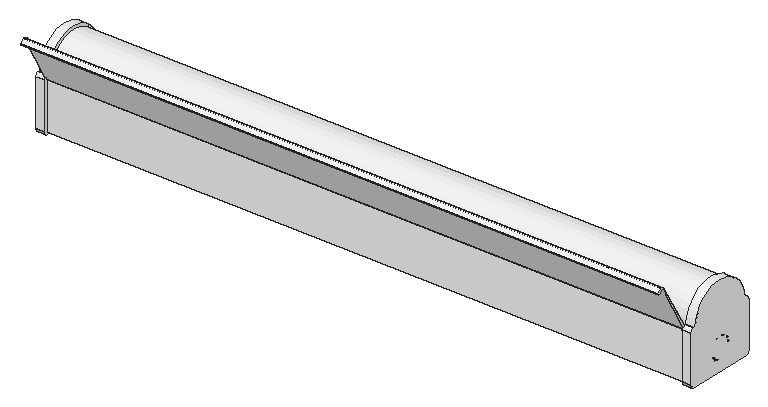
Revit family "0045183+0045232 Feilo Sylvania Lighting Fixture SYLBATTEN LED2 6000K TP3 with ASYMMETRIC REFLECTOR ACCESSORY 600MM", category Lighting Fixtures, host Face, Revit 2017
Family settings
  Host = Face
  Round Connector Dimension = Use Diameter
  Part Type = Normal
  OmniClass Number = 23.80.70.00
  OmniClass Title = Lighting
  Cut with Voids When Loaded = No
  Light Source = Yes
  Shared = No
  Room Calculation Point = No
Parameters (values of type "0045183 SYLBATTEN LED2 6000K TP3")
  Width_FEILO = 66 mm
  Weight = "1.5 kg"
  Wattage Comments = "n/a"
  Wattage = 22 W
  WarrantyStartDate [instance] = "n/a"
  WarrantyGuarantorParts = "n/a"
  WarrantyDurationUnit = "n/a"
  WarrantyDurationParts = "n/a"
  WarrantyDescription = "n/a"
  built-in parameter 1150110 = 1 (stored number, unit not read)
  Voltage = 230 V
  URL = "http://www.sylvania-lighting.com"
  TypeName = "SYLBATTEN LED2 6000K TP3"
  Type Image = <None>
  Type Comments = "n/a"
  built-in parameter 1114217 = 1 (stored number, unit not read)
  Tilt Angle = -90.00°
  built-in parameter 1150109 = 1 (stored number, unit not read)
  built-in parameter 1150134 = 5
  SymReflector_FEILO = no
  built-in parameter 1150113 = 1 (stored number, unit not read)
  SerialNumber [instance] = "n/a"
  PowerFactor = 0
  PowerConsumption = "22 W"
  Photometric Web File = "0045183+0045232.ies"
  NominalLength = 605 mm
  NominalHeight = 91 mm
  NominalDepth = 122 mm
  Name = "SYLBATTEN LED2 6000K TP3"
  ModelReference = Name  # "SYLBATTEN LED2 6000K TP3"
  ModelNumber = "0045183"
  Model = Name  # "SYLBATTEN LED2 6000K TP3"
  Material_4_FEILO = Reflector-Sylvania-Sylbatten-White
  Material_3_FEILO = Diffuser-Sylvania-Sylbatten-Glow
  Material_2_FEILO = Body-Sylvania-Sylbatten-White
  Material_1_FEILO = Body-Sylvania-Sylbatten-White
  Material = "sheet steel housing, polycarbonate diffuser"
  ManufacturerName = "Feilo Sylvania"
  Manufacturer = "Feilo Sylvania"
  LuminousEfficacy = "110.6 lm/W"
  built-in parameter 1150105 = 193.77 (stored number, unit not read)
  Lumens = 2434.96 lm
  LuminaireType = ""
  built-in parameter 1150115 = 1 (stored number, unit not read)
  LightOutputRatio = "100"
  built-in parameter 1150137 = (empty or 0)
  built-in parameter 1150139 = (empty or 0)
  Length_FEILO = 605 mm
  LampsType = Lamp  # "LED"
  LampNominalLuminous = "2435 lm"
  LampMacAdamStep = "n/a"
  LampColourTemperature = "6000 K"
  LampColourRenderingIndex = "80"
  built-in parameter 1150112 = 1 (stored number, unit not read)
  built-in parameter 1150114 = 1 (stored number, unit not read)
  Lamp = "LED"
  Keynote = "16500"
  InstallationDate [instance] = "n/a"
  InputVoltage = "220-240V~"
  InputNominalFrequency = "n/a"
  built-in parameter 1150132 = (empty or 0)
  built-in parameter 1150102 = (empty or 0)
  built-in parameter 1150107 = 6000 (stored number, unit not read)
  built-in parameter 1150138 = (empty or 0)
  IngressProtection = "IP20"
  ImpactProtectionIndex = "IK07"
  built-in parameter 1150106 = 1.9377 (stored number, unit not read)
  IfcExportType = "IfcLightFixtureType"
  IfcExportAs = "IfcLightFixtureType"
  Height_FEILO = 76 mm
  ExpectedLife = 50000
  Emit from Rectangle Width = Length_FEILO - 16 mm  # 589 mm
  Emit from Rectangle Length = Width_FEILO - 40 mm  # 26 mm
  Emit Shape Visible in Rendering = no
  ElectricShockClassification = "Class I"
  built-in parameter 1150104 = 10.283 (stored number, unit not read)
  DurationUnit = "hours"
  DocumentationLiterature = "http://www.sylvania-lighting.com/product/en-int/products/0045183"
  DimmingControlOptions = "n/a"
  Dimming Lamp Color Temperature Shift = <None>
  Description = "LED batten, T8 replacement, ease of installation through 2 part push-in design of the housing (safety cable included), through wiring capability (TP3 = 3 core), sheet steel, 2435LM, 22W, 111lm/W, 6000K, drive current: 350mA, CRI 80, 138° wide beam angle, electronic driver (non dimmable), IP20, IK07, 50,000 hrs (L70), (LxWxH) 605x66x76mm, 5 step MacAdam ellipse, 1.8kg, white RAL 9016, Class 1, 220-240V, energy class: A++, A+, A."
  Default Elevation = 1219.2 mm
  CreatedOn = "1/25/2018"
  CreatedBy = ""
  Cost = 0
  Color Filter = 16777215
  built-in parameter 1114216 [instance] = (empty or 0)
  ClassificationValue = "EF_70_80"
  ClassificationName = "Uniclass2015"
  CapOffset_FEILO = 2 mm
  BarCode [instance] = "n/a"
  built-in parameter 1114218 = 1 (stored number, unit not read)
  BackReflector_FEILO = and(not(AsymReflector_FEILO), SymReflector_FEILO)  # no
  built-in parameter 1150133 = 10 (stored number, unit not read)
  FrontReflector_FEILO = or(AsymReflector_FEILO, SymReflector_FEILO)  # yes
  AsymReflector_FEILO = yes
  AssetType = "Fixed"
  AssetIdentifier [instance] = "n/a"
  Assembly Code = "D5020200"
  Apparent Load = 22 VA
Reference planes
  plane 1 "Center (Front/Back)": y = 0
  plane 2: z = 0
  plane 3 "Center (Left/Right)": x = 0
  plane 4: x = 302.5
  plane 5: x = -302.5
  plane 6: y = 33
  plane 7: y = -33
  plane 8: z = 76
  plane 9: z = 47
  plane 10: y = -29
  plane 11: y = 29
  plane 12: z = 20
  plane 13: z = 74
  plane 14: y = -31
  plane 15: y = -27
  plane 16: y = 27
  plane 17: y = 31
  plane 18: z = 2
  plane 19: x = -294.5
  plane 20: x = 294.5
  plane 21: z = 49
  plane 22: y = 1
  plane 23: y = -1
  plane 24: z = 21
  plane 25: z = 19
  plane 26: y = -61
  plane 27: y = 61
  plane 28: y = -56
  plane 29: y = 56
  plane 30: z = 91
  plane 31: z = 88
Forms (mm)
  Extrusion 1, solid, material "Body-Sylvania-Sylbatten-White" <- "Material_2_FEILO"
    sketch origin (0, 0, 0) x (0, 1, 0) y (0, 0, 1)
      loop
        line (-31, 2) -> (31, 2) -> (31, 45)
        arc (31, 45) -> (30.414, 46.414) -> (29, 47) r 2
        line (29, 47) -> (27, 47)
        arc (27, 47) -> (0, 74) -> (-27, 47) r 27
        line (-27, 47) -> (-29, 47)
        arc (-29, 47) -> (-30.414, 46.414) -> (-31, 45) r 2
        line (-31, 45) -> (-31, 2)
    from -294.5 to 294.5
  Extrusion 2, solid, material "Body-Sylvania-Sylbatten-White" <- "Material_2_FEILO"
    sketch origin (302.5, 1524, 1219.2) x (0, 1, 0) y (0, 0, 1)
      loop
        arc (-1494, -1219.2) -> (-1491.879, -1218.321) -> (-1491, -1216.2) r 3
        line (-1491, -1216.2) -> (-1491, -1173.2)
        arc (-1491, -1173.2) -> (-1491.879, -1171.079) -> (-1494, -1170.2) r 3
        line (-1494, -1170.2) -> (-1495.069, -1170.2)
        arc (-1495.069, -1170.2) -> (-1524, -1143.2) -> (-1552.931, -1170.2) r 29
        line (-1552.931, -1170.2) -> (-1554, -1170.2)
        arc (-1554, -1170.2) -> (-1556.121, -1171.079) -> (-1557, -1173.2) r 3
        line (-1557, -1173.2) -> (-1557, -1216.2)
        arc (-1557, -1216.2) -> (-1556.121, -1218.321) -> (-1554, -1219.2) r 3
        line (-1554, -1219.2) -> (-1494, -1219.2)
      loop
        arc (-1525, -1189.25) -> (-1531.071, -1192.129) -> (-1533.95, -1198.2) r 10
        line (-1533.95, -1198.2) -> (-1532.944, -1198.2)
        arc (-1532.944, -1198.2) -> (-1530.364, -1192.836) -> (-1525, -1190.256) r 9
        line (-1525, -1190.256) -> (-1525, -1189.25)
      loop
        arc (-1523, -1190.256) -> (-1517.636, -1192.836) -> (-1515.056, -1198.2) r 9
        line (-1515.056, -1198.2) -> (-1514.05, -1198.2)
        arc (-1514.05, -1198.2) -> (-1516.929, -1192.129) -> (-1523, -1189.25) r 10
        line (-1523, -1189.25) -> (-1523, -1190.256)
      loop
        line (-1532.944, -1200.2) -> (-1533.95, -1200.2)
        arc (-1533.95, -1200.2) -> (-1531.071, -1206.271) -> (-1525, -1209.15) r 10
        line (-1525, -1209.15) -> (-1525, -1208.144)
        arc (-1525, -1208.144) -> (-1530.364, -1205.564) -> (-1532.944, -1200.2) r 9
      loop
        arc (-1515.056, -1200.2) -> (-1517.636, -1205.564) -> (-1523, -1208.144) r 9
        line (-1523, -1208.144) -> (-1523, -1209.15)
        arc (-1523, -1209.15) -> (-1516.929, -1206.271) -> (-1514.05, -1200.2) r 10
        line (-1514.05, -1200.2) -> (-1515.056, -1200.2)
    from 0 to -8
  Extrusion 3, solid, material "Body-Sylvania-Sylbatten-White" <- "Material_2_FEILO"
    sketch origin (-302.5, 1524, 1219.2) x (0, 1, 0) y (0, 0, 1)
      loop
        arc (-1495.069, -1170.2) -> (-1524, -1143.2) -> (-1552.931, -1170.2) r 29
        line (-1552.931, -1170.2) -> (-1554, -1170.2)
        arc (-1554, -1170.2) -> (-1556.121, -1171.079) -> (-1557, -1173.2) r 3
        line (-1557, -1173.2) -> (-1557, -1216.2)
        arc (-1557, -1216.2) -> (-1556.121, -1218.321) -> (-1554, -1219.2) r 3
        line (-1554, -1219.2) -> (-1494, -1219.2)
        arc (-1494, -1219.2) -> (-1491.879, -1218.321) -> (-1491, -1216.2) r 3
        line (-1491, -1216.2) -> (-1491, -1173.2)
        arc (-1491, -1173.2) -> (-1491.879, -1171.079) -> (-1494, -1170.2) r 3
        line (-1494, -1170.2) -> (-1495.069, -1170.2)
      loop
        line (-1533.95, -1198.2) -> (-1532.944, -1198.2)
        arc (-1532.944, -1198.2) -> (-1530.364, -1192.836) -> (-1525, -1190.256) r 9
        line (-1525, -1190.256) -> (-1525, -1189.25)
        arc (-1525, -1189.25) -> (-1531.071, -1192.129) -> (-1533.95, -1198.2) r 10
      loop
        line (-1523, -1189.25) -> (-1523, -1190.256)
        arc (-1523, -1190.256) -> (-1517.636, -1192.836) -> (-1515.056, -1198.2) r 9
        line (-1515.056, -1198.2) -> (-1514.05, -1198.2)
        arc (-1514.05, -1198.2) -> (-1516.929, -1192.129) -> (-1523, -1189.25) r 10
      loop
        line (-1514.05, -1200.2) -> (-1515.056, -1200.2)
        arc (-1515.056, -1200.2) -> (-1517.636, -1205.564) -> (-1523, -1208.144) r 9
        line (-1523, -1208.144) -> (-1523, -1209.15)
        arc (-1523, -1209.15) -> (-1516.929, -1206.271) -> (-1514.05, -1200.2) r 10
      loop
        line (-1525, -1209.15) -> (-1525, -1208.144)
        arc (-1525, -1208.144) -> (-1530.364, -1205.564) -> (-1532.944, -1200.2) r 9
        line (-1532.944, -1200.2) -> (-1533.95, -1200.2)
        arc (-1533.95, -1200.2) -> (-1531.071, -1206.271) -> (-1525, -1209.15) r 10
    from 0 to 8
  Extrusion 4, solid, material "Reflector-Sylvania-Sylbatten-White" <- "Material_4_FEILO", visible <- "FrontReflector_FEILO"
    sketch origin (0, 0, 0) x (0, 1, 0) y (0, 0, 1)
      loop
        line (-61.257, 88.429) -> (-60.743, 87.571) -> (-56.621, 90.044)
        arc (-56.621, 90.044) -> (-56.237, 90.099) -> (-55.929, 89.863) r 0.5
        line (-55.929, 89.863) -> (-31.435, 46.753) -> (-30.565, 47.247) -> (-55.312, 90.802)
        arc (-55.312, 90.802) -> (-55.928, 91.275) -> (-56.696, 91.165) r 1
        line (-56.696, 91.165) -> (-61.257, 88.429)
    from -294.5 to 294.5
  Extrusion 5, solid, material "Reflector-Sylvania-Sylbatten-White" <- "Material_4_FEILO", visible <- "BackReflector_FEILO"
    sketch origin (0, 0, 0) x (0, 1, 0) y (0, 0, 1)
      loop
        line (30.565, 47.247) -> (31.435, 46.753) -> (55.932, 89.868)
        arc (55.932, 89.868) -> (56.245, 90.112) -> (56.638, 90.062) r 0.518
        line (56.638, 90.062) -> (61.033, 87.565) -> (61.527, 88.435) -> (56.682, 91.188)
        arc (56.682, 91.188) -> (55.922, 91.282) -> (55.318, 90.812) r 1
        line (55.318, 90.812) -> (30.565, 47.247)
    from -294.5 to 294.5
Lines and regions (mm)
  reference lines
    curve 1: line (0, -61, 88) -> (0, -56, 91)
    curve 2: line (0, -56, 91) -> (0, -31, 47)
    curve 3: line (0, 31, 47) -> (0, 56, 91)
    curve 4: line (0, 56, 91) -> (0, 61.28, 88)
Dimensions and locks
  equal spacing: plane 5, plane 3 "Center (Left/Right)", plane 4
  equal spacing: plane 7, plane 1 "Center (Front/Back)", plane 6
  "Width_FEILO": plane 7 to plane 6
  "Length_FEILO": plane 5 to plane 4
  "Height_FEILO": plane 8 to plane 2
  locked: plane 9 to plane 8 at 29
  equal spacing: plane 10, plane 1 "Center (Front/Back)", plane 11
  locked: plane 7 to plane 10 at 4
  locked: plane 12 to plane 2 at 20
  "CapOffset_FEILO": plane 13 to plane 8
  "CapOffset_FEILO": plane 7 to plane 14
  "CapOffset_FEILO": plane 10 to plane 15
  "CapOffset_FEILO": plane 17 to plane 6
  "CapOffset_FEILO": plane 16 to plane 11
  "CapOffset_FEILO": plane 18 to plane 2
  locked: plane 14 to Extrusion 1 sketch curve at 2
  locked: Extrusion 1 sketch curve to plane 9 at 2  (x2)
  locked: plane 16 to Extrusion 1 sketch curve at 2
  equal spacing: plane 19, plane 3 "Center (Left/Right)", plane 20
  locked: plane 5 to plane 19 at 8
  "CapOffset_FEILO": plane 9 to plane 21
  locked: Extrusion 2 sketch curve to plane 2 at 47
  locked: Extrusion 1 sketch curve to plane 2 at 47
  locked: Extrusion 2 sketch curve to plane 2 at 3  (x2)
  locked: plane 7 to Extrusion 2 sketch curve at 3  (x2)
  locked: Extrusion 2 sketch curve to plane 6 at 3  (x2)
  locked: Extrusion 2 sketch curve to plane 21 at 3  (x2)
  equal spacing: plane 23, plane 1 "Center (Front/Back)", plane 22
  equal spacing: plane 25, plane 12, plane 24
  plane 30 to plane 31 to plane 2 = 3 mm locked, 88 mm locked
  plane 28 to plane 29 = 112 mm
  plane 26 to plane 27 = 122 mm
  aligned and locked: plane 2 to host face
  aligned and locked: level to host face
  aligned and locked: plane 18 to Extrusion 1 sketch curve
  aligned and locked: plane 14 to Extrusion 1 sketch curve
  aligned and locked: Extrusion 1 sketch curve to plane 9  (x2)
  aligned and locked: Extrusion 1 sketch curve to plane 17
  aligned and locked: plane 15 to Extrusion 1 sketch curve
  aligned and locked: plane 16 to Extrusion 1 sketch curve
  aligned and locked: plane 9 to Extrusion 1 sketch curve
  aligned and locked: plane 20 to Extrusion 1
  aligned and locked: level to Extrusion 2 sketch curve
  aligned and locked: Extrusion 2 sketch curve to plane 7
  aligned and locked: plane 21 to Extrusion 2 sketch curve
  aligned and locked: Extrusion 2 sketch curve to plane 21
  aligned and locked: plane 1 "Center (Front/Back)" to Extrusion 2 sketch curve  (x3)
  aligned and locked: Extrusion 2 to Extrusion 1
  aligned and locked: plane 4 to Extrusion 2
  aligned and locked: plane 12 to Extrusion 2 sketch curve  (x2)
  aligned and locked: Extrusion 2 sketch curve to plane 22
  aligned and locked: Extrusion 2 sketch curve to plane 23
  aligned and locked: Extrusion 2 sketch curve to plane 24
  aligned and locked: Extrusion 2 sketch curve to plane 25
  aligned and locked: plane 25 to Extrusion 2 sketch curve
  aligned and locked: plane 22 to Extrusion 2 sketch curve
  aligned and locked: plane 24 to Extrusion 2 sketch curve
  aligned and locked: plane 23 to Extrusion 2 sketch curve  (x2)
  aligned and locked: Extrusion 3 sketch curve to Extrusion 2  (x22)
  aligned and locked: Extrusion 3 to Extrusion 1
  aligned and locked: Extrusion 3 to plane 5
  aligned and locked: plane 19 to Extrusion 3
  aligned and locked: plane 31 to curve 1
  aligned and locked: plane 30 to curve 1
  aligned and locked: plane 14 to curve 2
  aligned and locked: plane 9 to curve 2
  aligned and locked: plane 17 to curve 3
  aligned and locked: plane 30 to curve 3
  aligned and locked: plane 31 to curve 4
  aligned and locked: Extrusion 4 sketch curve to curve 2
  aligned and locked: Extrusion 4 sketch curve to curve 1
  aligned and locked: Extrusion 4 to Extrusion 1
  aligned and locked: Extrusion 1 to Extrusion 4
  aligned and locked: imposter light to plane 1 "Center (Front/Back)"
  aligned and locked: imposter light to plane 3 "Center (Left/Right)"
  aligned and locked: imposter light to plane 13
  aligned and locked: Extrusion 5 sketch curve to curve 4
  aligned and locked: Extrusion 5 sketch curve to curve 3
  aligned and locked: Extrusion 1 to Extrusion 5
  aligned and locked: Extrusion 5 to Extrusion 1
Automatic sketch dimensions
  host sketch curve to host sketch curve = 2438.4 mm  (x2)
  Extrusion 2 sketch curve to Extrusion 2 sketch curve = 0 mm  (x14)
  Extrusion 2 sketch curve to plane 10 = 0.069 mm
  plane 23 to Extrusion 2 sketch curve = 8.95 mm
  Extrusion 2 sketch curve to Extrusion 2 sketch curve = 1.006 mm  (x4)
  Extrusion 2 sketch curve to plane 22 = 7.944 mm
  curve 1 to plane 26 = 0 mm
  curve 2 to plane 28 = 0 mm
  curve 4 to plane 29 = 0 mm
  plane 9 to curve 3 = 0 mm
  plane 26 to Extrusion 4 sketch curve = 0.257 mm
  Extrusion 4 sketch curve to plane 26 = 0.257 mm
  Extrusion 4 sketch curve to plane 30 = 0.165 mm
  plane 28 to Extrusion 4 sketch curve = 0.696 mm
  plane 28 to Extrusion 4 sketch curve = 0.621 mm
  plane 28 to Extrusion 4 sketch curve = 0.364 mm
  plane 28 to Extrusion 4 sketch curve = 0.182 mm
  Extrusion 4 sketch curve to plane 28 = 0.071 mm
  plane 30 to Extrusion 4 sketch curve = 0.198 mm
  Extrusion 4 sketch curve to plane 28 = 0.688 mm
  plane 9 to Extrusion 4 sketch curve = 0.247 mm
  plane 1 "Center (Front/Back)" to Extrusion 4 sketch curve = 31.435 mm
  Extrusion 5 sketch curve to plane 9 = 0.247 mm
  Extrusion 5 sketch curve to plane 1 "Center (Front/Back)" = 30.565 mm
  plane 9 to Extrusion 5 sketch curve = 0.247 mm
  plane 30 to Extrusion 5 sketch curve = 0.188 mm
  plane 29 to Extrusion 5 sketch curve = 0.068 mm
  Extrusion 5 sketch curve to plane 29 = 0.188 mm
  Extrusion 5 sketch curve to plane 29 = 0.382 mm
  Extrusion 5 sketch curve to Extrusion 5 sketch curve = 0.256 mm
  Extrusion 5 sketch curve to plane 30 = 0.188 mm
  Extrusion 5 sketch curve to plane 29 = 0.682 mm
  Extrusion 5 sketch curve to plane 27 = 0.033 mm
  Extrusion 5 sketch curve to plane 27 = 0.527 mm
Connectors
  electrical at (0, 0, 0), driven by "Apparent Load", driven by "PowerFactor", driven by "Voltage"
    settings: index 1, voltage 230 V, apparent load 22 VA, apparent load phase1 0 VA, apparent load phase2 0 VA, apparent load phase3 0 VA, power factor 0, load classification "Lighting", number of poles 1, system type 30, power factor state 1, is connector primary yes, connector utility no, sub classification motor no, connector description ""
